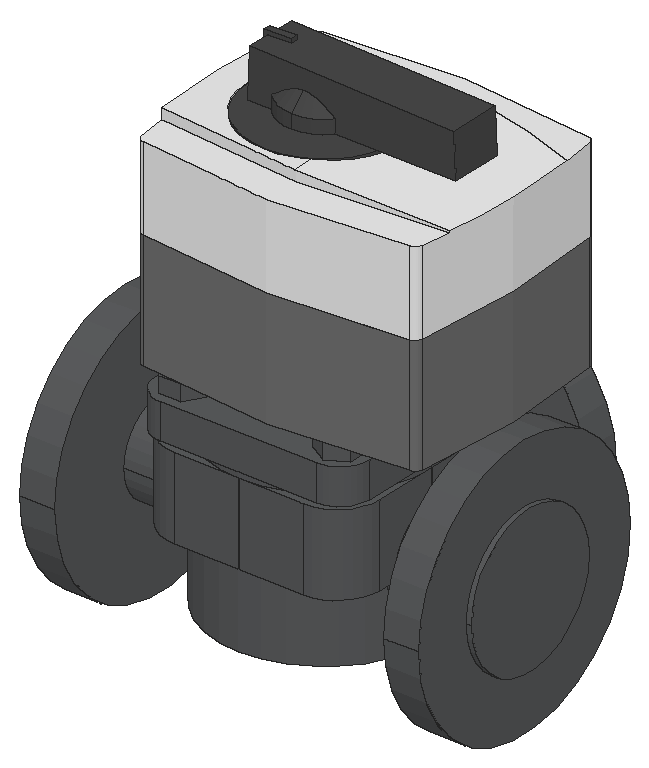
Revit family "HFE3_DN20-150_AMB 162(182)_RFA_1", category Pipe Accessories, Revit 2019
Family settings
  Round Connector Dimension = Use Diameter
  Part Type = Valve - Breaks Into
  OmniClass Number = 23.65.55.14.17
  OmniClass Title = Adjusting/Controlling Valves for Liquid Services
  Work Plane-Based = No
  Always vertical = Yes
  Cut with Voids When Loaded = No
  Shared = No
Parameters (values of type "HFE3_DN20_065Z0428")
  visibility50 = if(and(LOD 350, DN50 horizontal part), 1 = 1, 1 = 0)  # no
  visibility20-125LOD200 = if(and(LOD 200, not(DN150)), 1 = 1, 1 = 0)  # no
  visibility150LOD200 = if(and(LOD 200, DN150), 1 = 1, 1 = 0)  # no
  visibility150 = if(and(LOD 350, DN150), 1 = 1, 1 = 0)  # no
  vertical body diameter = 73 mm
  square width = 73 mm
  square elevation = 27.5 mm
  screw width = 12.8 mm
  screw axis distance = 10 mm
  horizontal body diameter = 32 mm
  flange thickness = 12 mm
  connector thickness = 2 mm
  connector diameter = 50 mm
  Weight = 3.50 kg
  W = L1 + B  # 115 mm
  Voltage = if(or(Actuator Type = [082H0273], Actuator Type = [082H0228], Actuator Type = [082H0225], Actuator Type = [082H0226], Actuator Type = [082H0229], Actuator Type = [082H0227], Actuator Type = [082H0277], Actuator Type = [082H0240], Actuator Type = [082H0239], Actuator Type = [082H0232]), 230 V, 24 V)  # 24 V
  Valve Body Material = Danfoss Cast Iron
  URL = "https://store.danfoss.com/en/Climate-Solutions-for-heating/Motorised-Control-Valves-/Rotary-Valves/Valves-for-Central-Heating/c/4115?q=%3Arelevance%3Adanfoss_producttypehierarchydesc%3Ae87d6f78c259f8698e7a41fbf8f01ce74522c19b&text="
  visibility20-125 = if(and(LOD 350, not(DN150)), 1 = 1, 1 = 0)  # yes
  Pressure Drop [instance] = 0.0 Pa
  Power = if(or(Actuator Type = [082H0277], Actuator Type = [082H0276], Actuator Type = [082H0240], Actuator Type = [082H0239], Actuator Type = [082H0232], Actuator Type = [082H0236], Actuator Type = [082H0235], Actuator Type = [082H0231], Actuator Type = [082H0241]), 3.5 VA, 2.5 VA)  # 2.5 VA
  Operating Torque = "5 Nm"
  Nominal Pressure = "PN 6"  # constant formula
  Model Type = "HFE3_DN20"
  Model = "065Z0428"
  Min Medium Temperature = "2°C"  # constant formula
  Max Medium Temperature = "110 °C"  # constant formula
  Manufacturer = "Danfoss"  # constant formula
  LOD 350 = not(LOD 200)  # yes
  LOD 200 = no
  L1 = L / 2  # 70 mm
  L = 140 mm
  Kvs = 12.0 m³/h
  IfcExportType = "HFE3"  # constant formula
  IfcExportAs = "IfcValveType"  # constant formula
  Ha = 140.685 mm
  H = Ha + B  # 185.685 mm
  Flow [instance] = 0.0 m³/h
  Description = "Motorized Control Valve"  # constant formula
  DN50 horizontal part = no
  DN150 = no
  D = 20 mm
  Connection = "Flange"  # constant formula
  B = [2B] / 2  # 45 mm
  Actuator Type = AMB 162(182)_RFA : AMB 162_3-point_24V_30s/°_082H0211_082H0216
  2nd square width = 73 mm
  2nd square position = 2.265 mm
  2B = 90 mm
  082H0277 = AMB 162(182)_RFA : AMB 182_2-point_230V_60s/°_082H0275_082H0277
  082H0276 = AMB 162(182)_RFA : AMB 182_2-point_24V_60s/°_082H0274_082H0276
  082H0273 = AMB 162(182)_RFA : AMB 162_2-point_230V_15s/°_082H0271_082H0273
  082H0241 = AMB 162(182)_RFA : AMB 182_Modulating_24V_60/90/120s/°_082H0241
  082H0240 = AMB 162(182)_RFA : AMB 182_3-point_230V_240s/°_082H0238_082H0240
  082H0239 = AMB 162(182)_RFA : AMB 182_3-point_230V_60s/°_082H0237_082H0239
  082H0236 = AMB 162(182)_RFA : AMB 182_3-point_24V_240s/°_082H0234_082H0236
  082H0235 = AMB 162(182)_RFA : AMB 182_3-point_24V_60s/°_082H0233_082H0235
  082H0232 = AMB 162(182)_RFA : AMB 182_3-point_230V_60s/°_10Nm_082H0232
  082H0231 = AMB 162(182)_RFA : AMB 182_3-point_24V_60s/°_10Nm_082H0231
  082H0229 = AMB 162(182)_RFA : AMB 162_3-point_230V_480s/°_082H0224_082H0229
  082H0228 = AMB 162(182)_RFA : AMB 162_3-point_230V_120s/°_082H0223_082H0228
  082H0227 = AMB 162(182)_RFA : AMB 162_3-point_230V_60s/°_082H0222_082H0227
  082H0226 = AMB 162(182)_RFA : AMB 162_3-point_230V_30s/°_082H0221_082H0226
  082H0225 = AMB 162(182)_RFA : AMB 162_3-point_230V_15s/°_082H0220_082H0225
Reference planes
  plane 1 "Center (Front/Back)": y = 0
  plane 2: z = 0
  plane 3 "Center (Left/Right)": x = 0
  plane 4: x = -70
  plane 5: x = 70
  plane 6: x = -68
  plane 7: x = -56
  plane 8: x = 56
  plane 9: x = 68
  plane 10: y = 70
  plane 11: y = 68
  plane 12: y = 56
  plane 13: z = 39.5
  plane 14: z = 27.5
  plane 15: z = -27.5
  plane 16: x = -36.5
  plane 17: x = 36.5
  plane 18: y = 36.5
  plane 19: y = -36.5
  plane 20 "left screw": x = -26.5
  plane 21 "right screw": x = 26.5
  plane 22 "back screw": y = 26.5
  plane 23 "front screw": y = -26.5
  plane 24: z = 25.5
  plane 25: z = 140.685
  plane 26: z = -45
  plane 27: y = -45
  plane 28: z = -2.265
  plane 29: y = -36.5
  plane 30: y = 36.5
  plane 31: x = -36.5
  plane 32: x = 36.5
Forms (mm)
  Extrusion 1, solid, material "Danfoss Cast Iron" <- "Valve Body Material", visible <- "LOD 350", detail levels fine
    sketch origin (0, 0, 0) x (0, 1, 0) y (0, 0, 1)
      loop
        circle (0, 0) r 45
    from 56 to 68
  Extrusion 2, solid, material "Danfoss Cast Iron" <- "Valve Body Material", visible <- "LOD 350", detail levels fine
    sketch origin (0, 0, 0) x (0, 1, 0) y (0, 0, 1)
      loop
        circle (0, 0) r 45
    from -68 to -56
  Extrusion 3, solid, material "Danfoss Cast Iron" <- "Valve Body Material", visible <- "LOD 350", detail levels fine
    sketch origin (0, 0, 0) x (0, 1, 0) y (0, 0, 1)
      loop
        circle (0, 0) r 25
    from 68 to 70
  Extrusion 4, solid, material "Danfoss Cast Iron" <- "Valve Body Material", visible <- "LOD 350", detail levels fine
    sketch origin (0, 0, 0) x (0, 1, 0) y (0, 0, 1)
      loop
        circle (0, 0) r 25
    from -70 to -68
  Extrusion 5, solid, material "Danfoss Cast Iron" <- "Valve Body Material", visible <- "LOD 350", detail levels fine
    sketch origin (0, 0, 0) x (1, 0, 0) y (0, 0, 1)
      loop
        circle (0, 0) r 45
    from -68 to -56
  Extrusion 6, solid, material "Danfoss Cast Iron" <- "Valve Body Material", visible <- "LOD 350", detail levels fine
    sketch origin (0, 0, 0) x (1, 0, 0) y (0, 0, 1)
      loop
        circle (0, 0) r 25
    from -70 to -68
  Extrusion 7, solid, material "Danfoss Cast Iron" <- "Valve Body Material", visible <- "LOD 350", detail levels fine
    sketch origin (0, 0, 0) x (0, 1, 0) y (0, 0, 1)
      loop
        circle (0, 0) r 16
    from -56 to 56
  Extrusion 8, solid, material "Danfoss Cast Iron" <- "Valve Body Material", visible <- "LOD 350", detail levels fine
    sketch origin (0, 0, 0) x (1, 0, 0) y (0, 0, 1)
      loop
        circle (0, 0) r 16
    from -56 to 0
  Extrusion 9, solid, material "Danfoss Cast Iron" <- "Valve Body Material", visible <- "visibility20-125", detail levels fine
    sketch origin (0, 0, 0) x (1, 0, 0) y (0, 1, 0)
      loop
        arc (-26.624, 36.5) -> (-33.608, 33.607) -> (-36.5, 26.624) r 9.876
        line (-36.5, 26.624) -> (-36.5, -26.625)
        arc (-36.5, -26.625) -> (-33.607, -33.609) -> (-26.623, -36.501) r 9.877
        line (-26.623, -36.501) -> (26.625, -36.501)
        arc (26.625, -36.501) -> (33.607, -33.609) -> (36.499, -26.627) r 9.875
        line (36.499, -26.627) -> (36.499, 26.624)
        arc (36.499, 26.624) -> (33.607, 33.607) -> (26.623, 36.5) r 9.876
        line (26.623, 36.5) -> (-26.624, 36.5)
    from 27.5 to 39.5
  Extrusion 10, solid, material "Danfoss Cast Iron" <- "Valve Body Material", visible <- "LOD 350", detail levels fine
    sketch origin (0, 0, 0) x (1, 0, 0) y (0, 1, 0)
      loop
        circle (0, 0) r 36.5
    from -27.5 to 27.5
  Sweep 11, solid, material "Danfoss Cast Iron" <- "Valve Body Material", visible <- "visibility20-125", detail levels fine
    path origin (0, -26.5, 0) x (-1, 0, 0) y (0, 0, 1)
      loop
        line (-26.5, 39.5) -> (-26.5, 44.8)
    profile origin (26.5, -26.5, 42.15) x (1, 0, 0) y (0, 1, 0)
      loop
        line (6.5, -3.753) -> (6.5, 3.753) -> (0, 7.506) -> (-6.5, 3.753) -> (-6.5, -3.753) -> (0, -7.506) -> (6.5, -3.753)
  Sweep 12, solid, material "Danfoss Cast Iron" <- "Valve Body Material", visible <- "visibility20-125", detail levels fine
    path origin (0, -26.5, 0) x (-1, 0, 0) y (0, 0, 1)
      loop
        line (26.5, 39.5) -> (26.5, 44.8)
    profile origin (-26.5, -26.5, 42.15) x (1, 0, 0) y (0, 1, 0)
      loop
        line (3.753, 6.5) -> (-3.753, 6.5) -> (-7.506, 0) -> (-3.753, -6.5) -> (3.753, -6.5) -> (7.506, 0) -> (3.753, 6.5)
  Sweep 13, solid, material "Danfoss Cast Iron" <- "Valve Body Material", visible <- "visibility20-125", detail levels fine
    path origin (0, 26.5, 0) x (-1, 0, 0) y (0, 0, 1)
      loop
        line (26.5, 44.8) -> (26.5, 39.5)
    profile origin (-26.5, 26.5, 42.15) x (0, 1, 0) y (-1, 0, 0)
      loop
        line (3.853, -6.5) -> (7.605, 0) -> (3.853, 6.5) -> (-3.653, 6.5) -> (-7.406, 0) -> (-3.653, -6.5) -> (3.853, -6.5)
  Sweep 14, solid, material "Danfoss Cast Iron" <- "Valve Body Material", visible <- "visibility20-125", detail levels fine
    path origin (0, 26.5, 0) x (-1, 0, 0) y (0, 0, 1)
      loop
        line (-26.5, 39.5) -> (-26.5, 44.8)
    profile origin (26.5, 26.5, 42.15) x (1, 0, 0) y (0, 1, 0)
      loop
        line (-3.753, 6.5) -> (-7.506, 0) -> (-3.753, -6.5) -> (3.753, -6.5) -> (7.506, 0) -> (3.753, 6.5) -> (-3.753, 6.5)
  Extrusion 15, solid, material "Danfoss Cast Iron" <- "Valve Body Material", visible <- "visibility50", detail levels fine
    sketch origin (0, 0, 0) x (1, 0, 0) y (0, 1, 0)
      loop
        line (-56, 44) -> (-56, -44)
        arc (-56, -44) -> (-44.563, -34.614) -> (-30.345, -30.519) r 36.621
        line (-30.345, -30.519) -> (30.345, -30.519)
        arc (30.345, -30.519) -> (44.563, -34.614) -> (56, -44) r 36.621
        line (56, -44) -> (56, 44) -> (44, 56) -> (-44, 56) -> (-56, 44)
    from -4 to 4.01
  Extrusion 16, solid, material "Danfoss Cast Iron" <- "Valve Body Material", visible <- "LOD 350", detail levels fine
    sketch origin (0, 0, 0) x (1, 0, 0) y (0, 1, 0)
      loop
        line (36.5, -22.125) -> (36.5, 22.124)
        arc (36.5, 22.124) -> (32.289, 32.289) -> (22.124, 36.5) r 14.376
        line (22.124, 36.5) -> (-22.124, 36.5)
        arc (-22.124, 36.5) -> (-32.289, 32.289) -> (-36.5, 22.124) r 14.376
        line (-36.5, 22.124) -> (-36.5, -22.123)
        arc (-36.5, -22.123) -> (-32.289, -32.289) -> (-22.123, -36.5) r 14.377
        line (-22.123, -36.5) -> (22.125, -36.5)
        arc (22.125, -36.5) -> (32.29, -32.29) -> (36.5, -22.125) r 14.375
    from -2.265 to 25.5
  Extrusion 17, solid, material "Danfoss Cast Iron" <- "Valve Body Material", visible <- "visibility150", detail levels fine
    sketch origin (0, 0, 0) x (1, 0, 0) y (0, 1, 0)
      loop
        circle (0, 0) r 107
    from 27.5 to 39.5
  Extrusion 18, solid, material "Danfoss Cast Iron" <- "Valve Body Material", visible <- "LOD 200", detail levels fine
    sketch origin (0, 0, 0) x (0, 1, 0) y (0, 0, 1)
      loop
        circle (0, 0) r 45
    from 56 to 70
  Extrusion 19, solid, material "Danfoss Cast Iron" <- "Valve Body Material", visible <- "LOD 200", detail levels fine
    sketch origin (0, 0, 0) x (0, 1, 0) y (0, 0, -1)
      loop
        circle (0, 0) r 45
    from 56 to 70
  Extrusion 20, solid, material "Danfoss Cast Iron" <- "Valve Body Material", visible <- "LOD 200", detail levels fine
    sketch origin (0, 0, 0) x (0, 1, 0) y (0, 0, 1)
      loop
        circle (0, 0) r 16
    from -56 to 56
  Extrusion 21, solid, material "Danfoss Cast Iron" <- "Valve Body Material", visible <- "LOD 200"
    sketch origin (0, 0, 0) x (1, 0, 0) y (0, 0, 1)
      loop
        circle (0, 0) r 16
    from 0 to -56
  Extrusion 22, solid, material "Danfoss Cast Iron" <- "Valve Body Material", visible <- "LOD 200"
    sketch origin (0, 0, 0) x (1, 0, 0) y (0, 0, 1)
      loop
        circle (0, 0) r 45
    from -56 to -70
  Extrusion 23, solid, material "Danfoss Cast Iron" <- "Valve Body Material", visible <- "visibility20-125LOD200", detail levels fine
    sketch origin (0, 0, 0) x (1, 0, 0) y (0, 1, 0)
      loop
        line (36.5, -22.125) -> (36.5, 22.124)
        arc (36.5, 22.124) -> (32.289, 32.289) -> (22.124, 36.5) r 14.376
        line (22.124, 36.5) -> (-22.124, 36.5)
        arc (-22.124, 36.5) -> (-32.289, 32.289) -> (-36.5, 22.124) r 14.376
        line (-36.5, 22.124) -> (-36.5, -22.123)
        arc (-36.5, -22.123) -> (-32.289, -32.289) -> (-22.123, -36.5) r 14.377
        line (-22.123, -36.5) -> (22.125, -36.5)
        arc (22.125, -36.5) -> (32.29, -32.29) -> (36.5, -22.125) r 14.375
    from -27.5 to 39.5
  Extrusion 24, solid, material "Danfoss Cast Iron" <- "Valve Body Material", visible <- "visibility150LOD200", detail levels fine
    sketch origin (0, 0, 0) x (1, 0, 0) y (0, 1, 0)
      loop
        circle (0, 0) r 36.5
    from -27.5 to 39.5
Dimensions and locks
  equal spacing: plane 5, plane 3 "Center (Left/Right)", plane 4
  "L": plane 5 to plane 4
  "L1": plane 10 to plane 1 "Center (Front/Back)"
  "connector thickness": plane 10 to plane 11
  "flange thickness": plane 11 to plane 12
  locked: plane 13 to plane 14 at 12
  "connector thickness": plane 6 to plane 4
  "flange thickness": plane 7 to plane 6
  "square elevation": plane 14 to level
  equal spacing: plane 18, plane 1 "Center (Front/Back)", plane 19
  "square width": plane 18 to plane 19
  equal spacing: plane 16, plane 3 "Center (Left/Right)", plane 17
  "square width": plane 16 to plane 17
  "square elevation": level to plane 15
  "screw axis distance": plane 18 to plane 22 "back screw"
  "screw axis distance": plane 23 "front screw" to plane 19
  "screw axis distance": plane 21 "right screw" to plane 17
  "screw axis distance": plane 16 to plane 20 "left screw"
  locked: plane 14 to plane 24 at 2
  "Ha": plane 25 to level
  "H": plane 25 to plane 26
  "W": plane 27 to plane 10
  "connector thickness": plane 5 to plane 9
  "flange thickness": plane 9 to plane 8
  "2nd square position": level to plane 28
  equal spacing: plane 30, plane 1 "Center (Front/Back)", plane 29
  "2nd square width": plane 30 to plane 29
  equal spacing: plane 31, plane 3 "Center (Left/Right)", plane 32
  "2nd square width": plane 31 to plane 32
  locked: nested 3 to plane 13 at 0.511
  "2B": diameter of Extrusion 1 sketch curve
  "2B": diameter of Extrusion 2 sketch curve
  "connector diameter": diameter of Extrusion 3 sketch curve
  "connector diameter": diameter of Extrusion 4 sketch curve
  "2B": diameter of Extrusion 5 sketch curve
  "connector diameter": diameter of Extrusion 6 sketch curve
  "horizontal body diameter": diameter of Extrusion 7 sketch curve
  "horizontal body diameter": diameter of Extrusion 8 sketch curve
  "vertical body diameter": diameter of Extrusion 10 sketch curve
  "2B": diameter of Extrusion 18 sketch curve
  "2B": diameter of Extrusion 19 sketch curve
  "horizontal body diameter": diameter of Extrusion 20 sketch curve
  "horizontal body diameter": diameter of Extrusion 21 sketch curve
  "2B": diameter of Extrusion 22 sketch curve
  "vertical body diameter": diameter of Extrusion 24 sketch curve
  aligned and locked: level to plane 2
  aligned and locked: Extrusion 1 to plane 8
  aligned and locked: plane 9 to Extrusion 1
  aligned and locked: Extrusion 2 to plane 6
  aligned and locked: Extrusion 2 to plane 7
  aligned and locked: Extrusion 3 to plane 9
  aligned and locked: plane 5 to Extrusion 3
  aligned and locked: plane 6 to Extrusion 4
  aligned and locked: Extrusion 4 to plane 4
  aligned and locked: plane 11 to Extrusion 5
  aligned and locked: Extrusion 5 to plane 12
  aligned and locked: plane 10 to Extrusion 6
  aligned and locked: Extrusion 6 to plane 11
  aligned and locked: plane 7 to Extrusion 7
  aligned and locked: plane 8 to Extrusion 7
  aligned and locked: plane 12 to Extrusion 8
  aligned and locked: plane 1 "Center (Front/Back)" to Extrusion 8
  aligned and locked: Extrusion 9 to plane 14
  aligned and locked: plane 13 to Extrusion 9
  aligned and locked: plane 14 to Extrusion 10
  aligned and locked: plane 15 to Extrusion 10
  aligned and locked: plane 24 to Extrusion 16
  aligned and locked: plane 13 to Extrusion 17
  aligned and locked: Extrusion 17 to plane 14
  aligned and locked: Extrusion 18 to plane 8
  aligned and locked: plane 5 to Extrusion 18
  aligned and locked: Extrusion 19 to plane 4
  aligned and locked: Extrusion 19 to plane 7
  aligned and locked: plane 7 to Extrusion 20
  aligned and locked: plane 8 to Extrusion 20
  aligned and locked: Extrusion 16 to plane 28
  aligned and locked: plane 31 to Extrusion 16 sketch curve
  aligned and locked: Extrusion 16 sketch curve to plane 32
  aligned and locked: plane 30 to Extrusion 16 sketch curve
  aligned and locked: Extrusion 16 sketch curve to plane 29
  aligned and locked: plane 12 to Extrusion 21
  aligned and locked: plane 12 to Extrusion 22
  aligned and locked: plane 10 to Extrusion 22
  aligned and locked: plane 15 to Extrusion 23
  aligned and locked: plane 13 to Extrusion 23
  aligned and locked: plane 3 "Center (Left/Right)" to nested 2
  aligned and locked: plane 13 to Extrusion 24
  aligned and locked: plane 15 to Extrusion 24
  aligned and locked: nested 3 to plane 3 "Center (Left/Right)"
  aligned and locked: nested 3 to plane 1 "Center (Front/Back)"
Automatic sketch dimensions
  Extrusion 3 sketch curve to level = 0 mm
  Extrusion 3 sketch curve to plane 1 "Center (Front/Back)" = 0 mm
  Extrusion 4 sketch curve to level = 0 mm
  Extrusion 4 sketch curve to plane 1 "Center (Front/Back)" = 0 mm
  Extrusion 6 sketch curve to level = 0 mm
  Extrusion 6 sketch curve to plane 3 "Center (Left/Right)" = 0 mm
  Extrusion 9 sketch curve to plane 16 = 0 mm
  Extrusion 9 sketch curve to plane 20 "left screw" = 0.124 mm
  Extrusion 9 sketch curve to plane 19 = 0.001 mm
  Extrusion 9 sketch curve to plane 20 "left screw" = 0.123 mm
  Extrusion 9 sketch curve to plane 18 = 0 mm
  Extrusion 9 sketch curve to plane 21 "right screw" = 0.123 mm
  Extrusion 9 sketch curve to plane 21 "right screw" = 0.125 mm
  Extrusion 9 sketch curve to plane 17 = 0.001 mm
  plane 21 "right screw" to Sweep 11 sketch curve = 0 mm
  Sweep 11 sketch curve to plane 13 = 0 mm
  Sweep 11 sketch curve to Sweep 11 sketch curve = 5.3 mm
  profile plane to Sweep 11 sketch curve = 6.5 mm
  profile plane to Sweep 11 sketch curve = 0 mm  (x2)
  Sweep 11 sketch curve to profile plane = 6.5 mm
  Sweep 11 sketch curve to plane 23 "front screw" = 7.506 mm
  Sweep 11 sketch curve to plane 23 "front screw" = 3.753 mm  (x2)
  plane 23 "front screw" to Sweep 11 sketch curve = 3.753 mm  (x2)
  Sweep 11 sketch curve to Sweep 11 sketch curve = 3.753 mm
  Sweep 12 sketch curve to plane 20 "left screw" = 0 mm
  Sweep 12 sketch curve to plane 13 = 0 mm
  Sweep 12 sketch curve to Sweep 12 sketch curve = 5.3 mm
  Sweep 12 sketch curve to plane 23 "front screw" = 0 mm
  plane 23 "front screw" to Sweep 12 sketch curve = 0 mm
  profile plane to Sweep 12 sketch curve = 7.506 mm
  profile plane to Sweep 12 sketch curve = 3.753 mm  (x2)
  Sweep 12 sketch curve to profile plane = 3.753 mm  (x2)
  Sweep 12 sketch curve to profile plane = 7.506 mm
  Sweep 12 sketch curve to plane 23 "front screw" = 6.5 mm
  plane 23 "front screw" to Sweep 12 sketch curve = 6.5 mm
  Sweep 13 sketch curve to plane 13 = 0 mm
  Sweep 13 sketch curve to plane 20 "left screw" = 0 mm
  Sweep 13 sketch curve to Sweep 13 sketch curve = 5.3 mm
  Sweep 13 sketch curve to profile plane = 0 mm  (x2)
  Sweep 13 sketch curve to plane 22 "back screw" = 7.406 mm
  Sweep 13 sketch curve to plane 22 "back screw" = 3.653 mm  (x2)
  plane 22 "back screw" to Sweep 13 sketch curve = 3.853 mm  (x2)
  Sweep 13 sketch curve to Sweep 13 sketch curve = 3.753 mm
  profile plane to Sweep 13 sketch curve = 6.5 mm
  Sweep 13 sketch curve to profile plane = 6.5 mm
  plane 21 "right screw" to Sweep 14 sketch curve = 0 mm
  Sweep 14 sketch curve to plane 13 = 0 mm
  Sweep 14 sketch curve to Sweep 14 sketch curve = 5.3 mm
  Extrusion 15 sketch curve to plane 7 = 0 mm
  Extrusion 15 sketch curve to plane 12 = 0 mm
  Extrusion 15 sketch curve to plane 8 = 0 mm
  Extrusion 15 sketch curve to plane 16 = 7.5 mm
  Extrusion 15 sketch curve to plane 20 "left screw" = 3.845 mm
  Extrusion 15 sketch curve to plane 20 "left screw" = 1.028 mm
  Extrusion 15 sketch curve to plane 21 "right screw" = 1.028 mm
  Extrusion 15 sketch curve to plane 21 "right screw" = 3.845 mm
  plane 17 to Extrusion 15 sketch curve = 7.5 mm
  plane 18 to Extrusion 15 sketch curve = 7.5 mm  (x2)
  plane 19 to Extrusion 15 sketch curve = 5.981 mm
  Extrusion 15 sketch curve to plane 19 = 7.5 mm  (x2)
  plane 20 "left screw" to Extrusion 16 sketch curve = 4.376 mm
  plane 23 "front screw" to Extrusion 16 sketch curve = 4.377 mm
  plane 21 "right screw" to Extrusion 16 sketch curve = 4.376 mm
  plane 21 "right screw" to Extrusion 16 sketch curve = 4.375 mm
  plane 1 "Center (Front/Back)" to Extrusion 17 sketch curve = 0 mm
  Extrusion 17 sketch curve to plane 3 "Center (Left/Right)" = 0 mm
  Sweep 14 sketch curve to profile plane = 3.753 mm  (x2)
  plane 22 "back screw" to Sweep 14 sketch curve = 0 mm  (x2)
  profile plane to Sweep 14 sketch curve = 3.753 mm  (x2)
  Sweep 14 sketch curve to Sweep 14 sketch curve = 3.753 mm  (x2)
  plane 22 "back screw" to Sweep 14 sketch curve = 6.5 mm
  Sweep 14 sketch curve to plane 22 "back screw" = 6.5 mm
  Extrusion 23 sketch curve to plane 31 = 0 mm
  Extrusion 23 sketch curve to plane 30 = 0 mm
  Extrusion 23 sketch curve to plane 29 = 0 mm
  Extrusion 23 sketch curve to plane 32 = 0 mm
  plane 20 "left screw" to Extrusion 23 sketch curve = 4.376 mm
  plane 20 "left screw" to Extrusion 23 sketch curve = 4.377 mm
  plane 21 "right screw" to Extrusion 23 sketch curve = 4.376 mm
  plane 21 "right screw" to Extrusion 23 sketch curve = 4.375 mm
  Extrusion 1 sketch curve to level = 0 mm
  Extrusion 1 sketch curve to plane 1 "Center (Front/Back)" = 0 mm
  Extrusion 2 sketch curve to level = 0 mm
  Extrusion 2 sketch curve to plane 1 "Center (Front/Back)" = 0 mm
  Extrusion 5 sketch curve to level = 0 mm
  Extrusion 5 sketch curve to plane 3 "Center (Left/Right)" = 0 mm
  Extrusion 7 sketch curve to level = 0 mm
  Extrusion 7 sketch curve to plane 1 "Center (Front/Back)" = 0 mm
  Extrusion 8 sketch curve to level = 0 mm
  Extrusion 8 sketch curve to plane 3 "Center (Left/Right)" = 0 mm
  plane 1 "Center (Front/Back)" to Extrusion 10 sketch curve = 0 mm
  Extrusion 10 sketch curve to plane 3 "Center (Left/Right)" = 0 mm
  Extrusion 18 sketch curve to level = 0 mm
  Extrusion 18 sketch curve to plane 1 "Center (Front/Back)" = 0 mm
  Extrusion 19 sketch curve to level = 0 mm
  Extrusion 19 sketch curve to plane 1 "Center (Front/Back)" = 0 mm
  Extrusion 20 sketch curve to level = 0 mm
  Extrusion 20 sketch curve to plane 1 "Center (Front/Back)" = 0 mm
  Extrusion 21 sketch curve to level = 0 mm
  Extrusion 21 sketch curve to plane 3 "Center (Left/Right)" = 0 mm
  Extrusion 22 sketch curve to level = 0 mm
  Extrusion 22 sketch curve to plane 3 "Center (Left/Right)" = 0 mm
  plane 1 "Center (Front/Back)" to Extrusion 24 sketch curve = 0 mm
  Extrusion 24 sketch curve to plane 3 "Center (Left/Right)" = 0 mm
  radius of Extrusion 17 sketch curve = 107 mm
Nested families
  nested 1: "HFE3 Symbol_Actuator" at (0, 0, 0), length <- "L", horiontal body diameter <- "B", A <- "L1", type "HFE3 Symbol_Actuator", detail levels coarse+medium
    with length 140 mm, horiontal body diameter 45 mm, L1 7.778 mm, D/4 11.25 mm, A 70 mm
  nested 2: "DN150 screws" at (0, 0, 0), visible <- "visibility150", type "DN150 screws", detail levels fine
    with visibility150 yes
  nested 3: "AMB 162(182)_RFA" at (0, 0, 40.011) x (-1, 0, 0) z (0, 0, 1), LOD 200 <- "LOD 200", Voltage <- "Voltage", Power <- "Power", type <- "Actuator Type", type "AMB 162_3-point_24V_30s/°_082H0211_082H0216", detail levels fine
    with Voltage 24 V, Power 2.5 VA, LOD 350 yes, LOD 200 no
Connectors
  piping at (70, 0, 0), diameter 20, driven by "D", driven by "Flow"
    settings: on Extrusion 18, index 1, connector inside diameter 609.6 mm, connector length 0 mm, flow factor 0, pipe flow 0.0 m³/h, pressure drop 0.0 Pa, fitting loss kfactor 0, connector angle 0.00°, fixture units 0, engagement length 0 mm, angle of deflection 0.00°, flow configuration 0, flow direction 0, fitting loss method 0, system type 29, joint type 0, gender type 0, connector reference index 2, connector utility 0, adjustable connector no, is connector primary yes, connector description ""
  piping at (-70, 0, 0), diameter 20, driven by "D", driven by "Flow"
    settings: on Extrusion 19, index 2, connector inside diameter 609.6 mm, connector length 0 mm, flow factor 0, pipe flow 0.0 m³/h, pressure drop 0.0 Pa, fitting loss kfactor 0, connector angle 0.00°, fixture units 0, engagement length 0 mm, angle of deflection 0.00°, flow configuration 0, flow direction 0, fitting loss method 0, system type 29, joint type 0, gender type 0, connector reference index 1, connector utility 0, adjustable connector no, is connector primary no, connector description ""
  piping at (0, 70, 0), diameter 20, driven by "D", driven by "Flow"
    settings: on Extrusion 6, index 3, connector inside diameter 609.6 mm, connector length 0 mm, flow factor 0, pipe flow 0.0 m³/h, pressure drop 0.0 Pa, fitting loss kfactor 0, connector angle 0.00°, fixture units 0, engagement length 0 mm, angle of deflection 0.00°, flow configuration 0, flow direction 0, fitting loss method 0, system type 29, joint type 0, gender type 0, connector reference index -1, connector utility 0, adjustable connector no, is connector primary no, connector description ""
  electrical at (0, 0, 0), driven by "Voltage", driven by "Power"
    settings: index 8, voltage 24 V, apparent load 0 VA, apparent load phase1 2.5 VA, apparent load phase2 0 VA, apparent load phase3 0 VA, power factor 0.95, load classification "HVAC", number of poles 1, system type 31, power factor state 1, is connector primary yes, connector utility no, sub classification motor no, connector description ""
Definition of nested family "DN150 screws"
  Parameters (values of type "DN150 screws")
    visibility150 [instance] = yes
    Valve Body Material = none
  Reference planes
    plane 1 "Center (Front/Back)": y = 0
    plane 2: z = 0
    plane 3 "Center (Left/Right)": x = 0
  Forms (mm)
    Extrusion 1, solid, material <- "Valve Body Material", visible <- "visibility150"
      sketch origin (0, 0, 0) x (1, 0, 0) y (0, 1, 0)
        loop
          line (-33.65, 103.539) -> (-42.573, 105.93) -> (-49.105, 99.398) -> (-46.714, 90.475) -> (-37.791, 88.085) -> (-31.259, 94.616) -> (-33.65, 103.539)
        loop
          line (44.801, 105.007) -> (35.563, 105.007) -> (30.944, 97.007) -> (35.563, 89.007) -> (44.801, 89.007) -> (49.419, 97.007) -> (44.801, 105.007)
        loop
          line (-35.563, -89.007) -> (-44.801, -89.007) -> (-49.419, -97.007) -> (-44.801, -105.007) -> (-35.563, -105.007) -> (-30.944, -97.007) -> (-35.563, -89.007)
        loop
          line (-89.007, 35.563) -> (-89.007, 44.801) -> (-97.007, 49.419) -> (-105.007, 44.801) -> (-105.007, 35.563) -> (-97.007, 30.944) -> (-89.007, 35.563)
        loop
          line (105.007, -44.801) -> (105.007, -35.563) -> (97.007, -30.944) -> (89.007, -35.563) -> (89.007, -44.801) -> (97.007, -49.419) -> (105.007, -44.801)
        loop
          line (-88.085, -37.791) -> (-94.616, -31.259) -> (-103.539, -33.65) -> (-105.93, -42.573) -> (-99.398, -49.105) -> (-90.475, -46.714) -> (-88.085, -37.791)
        loop
          line (105.93, 42.573) -> (99.398, 49.105) -> (90.475, 46.714) -> (88.085, 37.791) -> (94.616, 31.259) -> (103.539, 33.65) -> (105.93, 42.573)
        loop
          line (46.714, -90.475) -> (37.791, -88.085) -> (31.259, -94.616) -> (33.65, -103.539) -> (42.573, -105.93) -> (49.105, -99.398) -> (46.714, -90.475)
      from 81 to 98.3
    Extrusion 2, solid, material <- "Valve Body Material", visible <- "visibility150"
      sketch origin (0, 0, 0) x (1, 0, 0) y (0, 1, 0)
        loop
          circle (40.182, 97.007) r 9.975
        loop
          circle (-40.182, 97.007) r 9.975
        loop
          circle (40.182, -97.007) r 9.975
        loop
          circle (-40.182, -97.007) r 9.975
        loop
          circle (-97.007, 40.182) r 9.975
        loop
          circle (-97.007, -40.182) r 9.975
        loop
          circle (97.007, 40.182) r 9.975
        loop
          circle (97.007, -40.182) r 9.975
      from -8.624 to 76.847
  Dimensions and locks
    aligned and locked: level to plane 2
Definition of nested family "AMB 162(182)_RFA"
  Parameters (values of type "AMB 182_Modulating_24V_60/90/120s/°_082H0241")
    With Auxiliary Switch = "NA"
    Weight = 0.80 kg
    W = 84 mm
    Voltage [instance] = 24 V
    URL = "https://store.danfoss.com/en/Climate-Solutions-for-heating/Motorised-Control-Valves/Actuators-without-safety-function-for-rotary-valves/c/4113?q=%3Arelevance&text="
    Type Comments = ""
    Speed = "60/90/120 s/°"
    Power Supply = "24 VAC/DC"
    Power Consumption = "3.5 VA"
    Power [instance] = 3.5 VA
    Operating Torque = "15 Nm"
    Model Type = "AMB 182_Modulating_24V_60/90/120s/°"
    Model = "082H0241"
    Min Ambient Temperature = "0 °C"  # constant formula
    Max Medium Temperature = "110 °C"  # constant formula
    Max Ambient Temperature = "50 °C"  # constant formula
    Manufacturer = "Danfoss"  # constant formula
    LOD 350 [instance] = not(LOD 200)  # yes
    LOD 200 [instance] = no
    L = 101 mm
    IfcExportType = "AMB Actuator"  # constant formula
    IfcExportAs = "IfcActuatorType"  # constant formula
    H = 100.685 mm
    For Rotary Valve DN = "DN15-150"
    Description = "Gear Actuator"  # constant formula
    Control Input Signal = "Modulating"
    Body Material = none
  Types (22, lengths in mm): name | With Auxiliary Switch | Weight | Voltage | Speed | Power Supply | Power Consumption | Power | Operating Torque | Model Type | Model | For Rotary Valve DN | Control Input Signal
    AMB 162_2-point_24V_15s/°_082H0270_082H0272 | "082H0272" | 0.70 kg | 24 V | "15 s/°" | "24 VAC" | "2.5 VA" | 2.5 VA | "5 Nm" | "AMB 162_2-point_24V_15s/°" | "082H0270, 082H0272" | "DN15-50" | "2-point"
    AMB 162_3-point_230V_15s/°_082H0220_082H0225 | "082H0225" | 0.70 kg | 230 V | "15 s/°" | "230 VAC" | "2.5 VA" | 2.5 VA | "5 Nm" | "AMB 162_3-point_230V_15s/°" | "082H0220, 082H0225" | "DN15-50" | "3-point"
    AMB 162_2-point_230V_15s/°_082H0271_082H0273 | "082H0273" | 0.70 kg | 230 V | "15 s/°" | "230 VAC" | "2.5 VA" | 2.5 VA | "5 Nm" | "AMB 162_2-point_230V_15s/°" | "082H0271, 082H0273" | "DN15-50" | "2-point"
    AMB 162_3-point_24V_15s/°_082H0210_082H0215 | "082H0215" | 0.70 kg | 24 V | "15 s/°" | "24 VAC" | "2.5 VA" | 2.5 VA | "5 Nm" | "AMB 162_3-point_24V_15s/°_" | "082H0210, 082H0215" | "DN15-50" | "3-point"
    AMB 162_3-point_24V_30s/°_082H0211_082H0216 | "082H0216" | 0.70 kg | 24 V | "30 s/°" | "24 VAC" | "2.5 VA" | 2.5 VA | "5 Nm" | "AMB 162_3-point_24V_30s/°" | "082H0211, 082H0216" | "DN15-50" | "3-point"
    AMB 162_3-point_24V_60s/°_082H0212_082H0217 | "082H0217" | 0.70 kg | 24 V | "60 s/°" | "24 VAC" | "2.5 VA" | 2.5 VA | "5 Nm" | "AMB 162_3-point_24V_60s/°" | "082H0212, 082H0217" | "DN15-50" | "3-point"
    AMB 162_3-point_24V_120s/°_082H0213_082H0218 | "082H0218" | 0.70 kg | 24 V | "120 s/°" | "24 VAC" | "2.5 VA" | 2.5 VA | "5 Nm" | "AMB 162_3-point_24V_120s/°" | "082H0213, 082H0218" | "DN15-50" | "3-point"
    AMB 162_3-point_24V_480s/°_082H0214_082H0219 | "082H0219" | 0.70 kg | 24 V | "120 s/°" | "24 VAC" | "2.5 VA" | 2.5 VA | "5 Nm" | "AMB 162_3-point_24V_480s/°" | "082H0214, 082H0219" | "DN15-50" | "3-point"
    AMB 162_3-point_230V_30s/°_082H0221_082H0226 | "082H0226" | 0.70 kg | 230 V | "30 s/°" | "230 VAC" | "2.5 VA" | 2.5 VA | "5 Nm" | "AMB 162_3-point_230V_30s/°" | "082H0221, 082H0226" | "DN15-50" | "3-point"
    AMB 162_3-point_230V_60s/°_082H0222_082H0227 | "082H0227" | 0.70 kg | 230 V | "60 s/°" | "230 VAC" | "2.5 VA" | 2.5 VA | "5 Nm" | "AMB 162_3-point_230V_60s/°" | "082H0222, 082H0227" | "DN15-50" | "3-point"
    AMB 162_3-point_230V_120s/°_082H0223_082H0228 | "082H0228" | 0.70 kg | 230 V | "120 s/°" | "230 VAC" | "2.5 VA" | 2.5 VA | "5 Nm" | "AMB 162_3-point_230V_120s/°" | "082H0223, 082H0228" | "DN15-50" | "3-point"
    AMB 162_3-point_230V_480s/°_082H0224_082H0229 | "082H0229" | 0.70 kg | 230 V | "480 s/°" | "230 VAC" | "2.5 VA" | 2.5 VA | "5 Nm" | "AMB 162_3-point_230V_480s/°" | "082H0224, 082H0229" | "DN15-50" | "3-point"
    AMB 162_Modulating_24V_60/90/120s/°_082H0230 | "NA" | 0.70 kg | 24 V | "60/90/120 s/°" | "24 VAC/DC" | "2.5 VA" | 2.5 VA | "5 Nm" | "AMB 162_Modulating_24V_60/90/120s/°" | "082H0230" | "DN15-50" | "Modulating"
    AMB 182_2-point_230V_60s/°_082H0275_082H0277 | "082H0277" | 0.80 kg | 230 V | "60 s/°" | "230 VAC" | "2.5 VA" | 3.5 VA | "15 Nm" | "AMB 182_2-point_230V_60s/°" | "082H0275, 082H0277" | "DN15-150" | "2-point"
    AMB 182_2-point_24V_60s/°_082H0274_082H0276 | "082H0276" | 0.80 kg | 24 V | "60 s/°" | "24 VAC" | "2.5 VA" | 3.5 VA | "15 Nm" | "AMB 182_2-point_24V_60s/°" | "082H0274, 082H0276" | "DN15-150" | "2-point"
    AMB 182_3-point_230V_60s/°_082H0237_082H0239 | "082H0239" | 0.80 kg | 230 V | "60 s/°" | "230 VAC" | "3.5 VA" | 3.5 VA | "15 Nm" | "AMB 182_3-point_230V_60s/°" | "082H0237, 082H0239" | "DN15-150" | "3-point"
    AMB 182_3-point_24V_60s/°_082H0233_082H0235 | "082H0235" | 0.80 kg | 24 V | "60 s/°" | "24 VAC" | "3.5 VA" | 3.5 VA | "15 Nm" | "AMB 182_3-point_24V_60s/°" | "082H0233, 082H0235" | "DN15-150" | "3-point"
    AMB 182_3-point_24V_60s/°_10Nm_082H0231 | "NA" | 0.80 kg | 24 V | "60 s/°" | "24 VAC" | "3.5 VA" | 3.5 VA | "10 Nm" | "AMB 182_3-point_24V_60s/°_10Nm" | "082H0231" | "DN15-100" | "3-point"
    AMB 182_3-point_230V_60s/°_10Nm_082H0232 | "NA" | 0.80 kg | 230 V | "60 s/°" | "230 VAC" | "3.5 VA" | 3.5 VA | "10 Nm" | "AMB 182_3-point_230V_60s/°_10Nm" | "082H0232" | "DN15-100" | "3-point"
    AMB 182_3-point_24V_240s/°_082H0234_082H0236 | "082H0236" | 0.80 kg | 24 V | "240 s/°" | "24 VAC" | "3.5 VA" | 3.5 VA | "15 Nm" | "AMB 182_3-point_24V_240s/°" | "082H0234, 082H0236" | "DN15-150" | "3-point"
    AMB 182_3-point_230V_240s/°_082H0238_082H0240 | "082H0240" | 0.80 kg | 230 V | "240 s/°" | "230 VAC" | "3.5 VA" | 3.5 VA | "15 Nm" | "AMB 182_3-point_230V_240s/°" | "082H0238, 082H0240" | "DN15-150" | "3-point"
    AMB 182_Modulating_24V_60/90/120s/°_082H0241 | "NA" | 0.80 kg | 24 V | "60/90/120 s/°" | "24 VAC/DC" | "3.5 VA" | 3.5 VA | "15 Nm" | "AMB 182_Modulating_24V_60/90/120s/°" | "082H0241" | "DN15-150" | "Modulating"
  Reference planes
    plane 1 "Center (Front/Back)": y = 0
    plane 2: z = 0
    plane 3 "Center (Left/Right)": x = 0
    plane 4: z = 9.5
    plane 5: y = -41.931
    plane 6: y = 42.069
    plane 7: x = 36.5
    plane 8: x = -64.5
    plane 9: y = 36.069
    plane 10: x = 30.5
    plane 11: x = -61.5
    plane 12: x = 33.5
    plane 13: y = 39.069
    plane 14: y = -38.931
    plane 15: x = -58.5
    plane 16: y = -35.931
    plane 17: x = -14
    plane 18: z = 49.5
    plane 19: y = 36.069
    plane 20: x = 160.5
    plane 21: x = 68.5
    plane 22: x = 163.5
    plane 23: y = 39.069
    plane 24: y = -38.931
    plane 25: x = 71.5
    plane 26: y = -35.931
    plane 27: x = 116
    plane 28: z = 81.472
    plane 29: y = -9.5
    plane 30: z = 100.685
  Forms (mm)
    Revolve 1, solid, detail levels fine
      sketch origin (0, 0, 0) x (1, 0, 0) y (0, 0, 1)
        loop
          line (0, 9.5) -> (0, 0) -> (26, 0) -> (26, 9.5) -> (0, 9.5)
        axis (0, 9.5) -> (0, 0)
      angle from 0 to 360
    Extrusion 2, solid, visible <- "LOD 350", detail levels fine
      sketch origin (0, 0, 0) x (1, 0, 0) y (0, 0, 1)
        loop
          line (-51.913, 82.5) -> (18.847, 82.5) -> (18.304, 99.204)
          arc (18.304, 99.204) -> (-16.441, 99.254) -> (-51.134, 97.349) r 617.491
          line (-51.134, 97.349) -> (-51.913, 82.5)
      from -9.091 to 8.652
    Extrusion 3, solid, visible <- "LOD 350", detail levels fine
      sketch origin (0, 0, 0) x (1, 0, 0) y (0, 0, 1)
        loop
          line (18.847, 82.5) -> (20.557, 82.5) -> (19.789, 100.4) -> (10.425, 100.685) -> (10.425, 99.387)
          arc (10.425, 99.387) -> (14.365, 99.308) -> (18.304, 99.204) r 617.491
          line (18.304, 99.204) -> (18.847, 82.5)
      from -1.24 to 1.241
    Extrusion 4, solid, material <- "Body Material", visible <- "LOD 350", detail levels fine
      sketch origin (0, 0, 0) x (1, 0, 0) y (0, 1, 0)
        loop
          arc (-59.389, 38.075) -> (-61.013, 37.216) -> (-61.831, 35.571) r 3
          arc (-61.831, 35.571) -> (-64.511, 0) -> (-61.831, -35.571) r 237.436
          arc (-61.831, -35.571) -> (-61.013, -37.216) -> (-59.389, -38.075) r 3
          arc (-59.389, -38.075) -> (-14.052, -42.151) -> (31.314, -38.419) r 265.38
          arc (31.314, -38.419) -> (32.951, -37.564) -> (33.778, -35.913) r 3
          arc (33.778, -35.913) -> (36.5, -0.174) -> (33.83, 35.57) r 238.281
          arc (33.83, 35.57) -> (33.012, 37.216) -> (31.388, 38.076) r 3
          arc (31.388, 38.076) -> (-14.001, 42.069) -> (-59.389, 38.075) r 259.947
      from 9.5 to 49.5
    Extrusion 5, solid, visible <- "LOD 350", detail levels fine
      sketch origin (130, 0, 0) x (1, 0, 0) y (0, 1, 0)
        loop
          arc (-189.389, 38.075) -> (-191.013, 37.216) -> (-191.831, 35.571) r 3
          arc (-191.831, 35.571) -> (-194.511, 0) -> (-191.831, -35.571) r 237.436
          arc (-191.831, -35.571) -> (-191.013, -37.216) -> (-189.389, -38.075) r 3
          arc (-189.389, -38.075) -> (-144.052, -42.151) -> (-98.686, -38.419) r 265.38
          arc (-98.686, -38.419) -> (-97.049, -37.564) -> (-96.222, -35.913) r 3
          arc (-96.222, -35.913) -> (-93.5, -0.174) -> (-96.17, 35.57) r 238.281
          arc (-96.17, 35.57) -> (-96.988, 37.216) -> (-98.612, 38.076) r 3
          arc (-98.612, 38.076) -> (-144.001, 42.069) -> (-189.389, 38.075) r 259.947
      from 49.5 to 81.472
    Extrusion 6, void
      sketch origin (0, 0, 0) x (1, 0, 0) y (0, 1, 0)
        loop
          arc (-61.831, 35.571) -> (-62.54, 30.529) -> (-63.14, 25.473) r 237.436
          arc (-63.14, 25.473) -> (-14.003, 29.568) -> (35.135, 25.473) r 296.829
          arc (35.135, 25.473) -> (34.536, 30.528) -> (33.83, 35.57) r 238.281
          arc (33.83, 35.57) -> (33.012, 37.216) -> (31.388, 38.076) r 3
          arc (31.388, 38.076) -> (-14.001, 42.069) -> (-59.389, 38.075) r 259.947
          arc (-59.389, 38.075) -> (-61.013, 37.216) -> (-61.831, 35.571) r 3
      from 78 to 100.685
    Extrusion 7, void
      sketch origin (0, 0, 0) x (1, 0, 0) y (0, 0, 1)
        loop
          line (-64.511, 49.5) -> (-64.511, 78.145)
          arc (-64.511, 78.145) -> (-39.06, 80.639) -> (-13.5, 81.472) r 392.786
          line (-13.5, 81.472) -> (36.5, 81.472) -> (36.5, 49.5) -> (41.5, 49.5) -> (41.5, 107.508) -> (-69.523, 107.508) -> (-69.523, 49.5) -> (-64.511, 49.5)
      from -62.358 to 46.308
    Extrusion 8, void
      sketch origin (0, 0, 0) x (1, 0, 0) y (0, 1, 0)
        loop
          line (-64.592, -23.625) -> (-62.779, -37.97)
          arc (-62.779, -37.97) -> (-14.187, -43.401) -> (34.407, -37.976) r 220.211
          line (34.407, -37.976) -> (36.595, -23.622)
          arc (36.595, -23.622) -> (-13.998, -30.547) -> (-64.592, -23.625) r 188.309
      from 78 to 100.685
    Revolve 9, solid, visible <- "LOD 350", detail levels fine
      sketch origin (0, 0, 0) x (0, 1, 0) y (0, 0, 1)
        loop
          line (0, 92.255) -> (0, 81.472) -> (10.185, 81.472) -> (10.185, 82.472) -> (14.169, 82.472) -> (14.169, 87.094) -> (9.007, 92.255) -> (0, 92.255)
        axis (0, 92.255) -> (0, 81.472)
      angle from 0 to 360
    Extrusion 10, solid, visible <- "LOD 350", detail levels fine
      sketch origin (0, 0, 0) x (1, 0, 0) y (0, 1, 0)
        loop
          circle (0, 0) r 25.661
      from 49.5 to 81.472
    Extrusion 11, void
      sketch origin (0, 0, 0) x (1, 0, 0) y (0, 0, 1)
        loop
          line (15.14, 9.5) -> (36.5, 9.5) -> (36.5, 20.859) -> (15.14, 20.859) -> (15.14, 9.5)
      from 9.5 to 49.81
    Extrusion 12, void
      sketch origin (0, 0, 0) x (1, 0, 0) y (0, 1, 0)
        loop
          circle (0, 0) r 26
      from 78 to 82.5
    Extrusion 13, solid, material <- "Body Material", visible <- "LOD 200", detail levels fine
      sketch origin (0, 0, 0) x (1, 0, 0) y (0, 1, 0)
        loop
          line (-64.5, 42.069) -> (-64.5, -41.931) -> (36.5, -41.931) -> (36.5, 42.069) -> (-64.5, 42.069)
      from 9.5 to 49.5
    Extrusion 14, solid, visible <- "LOD 200", detail levels fine
      sketch origin (0, 0, 0) x (1, 0, 0) y (0, 1, 0)
        loop
          line (-64.5, 42.069) -> (-64.5, -41.931) -> (36.5, -41.931) -> (36.5, 42.069) -> (-64.5, 42.069)
      from 49.5 to 81.472
    Extrusion 15, solid, visible <- "LOD 200", detail levels fine
      sketch origin (0, 0, 0) x (1, 0, 0) y (0, 1, 0)
        loop
          circle (0, 0) r 25.661
      from 81.472 to 82.5
    Extrusion 16, solid, visible <- "LOD 200", detail levels fine
      sketch origin (0, 0, 0) x (1, 0, 0) y (0, 0, 1)
        loop
          line (-51.913, 82.5) -> (20.557, 82.5) -> (20.557, 100.685) -> (-51.913, 100.685) -> (-51.913, 82.5)
      from -9.09 to 8.65
    Extrusion 17, solid
      sketch origin (0, 0, 0) x (1, 0, 0) y (0, 1, 0)
        loop
          line (-2.5, 13.5) -> (-2.5, 2.5) -> (-13.5, 2.5) -> (-13.5, -2.5) -> (-2.5, -2.5) -> (-2.5, -13.5) -> (2.5, -13.5) -> (2.5, -2.5) -> (13.5, -2.5) -> (13.5, 2.5) -> (2.5, 2.5) -> (2.5, 13.5) -> (-2.5, 13.5)
      from 0 to -2.5
  Cuts and joins
    Extrusion 6, Extrusion 7, Extrusion 8, Extrusion 12 cuts Extrusion 5
    Extrusion 11, Extrusion 12 cuts Extrusion 4
    Extrusion 12 cuts Revolve 1
  Dimensions and locks
    Revolve 1 sketch curve to plane 3 "Center (Left/Right)" = 26 mm
    "W": plane 6 to plane 5
    "L": plane 7 to plane 8
    locked: plane 29 to plane 1 "Center (Front/Back)" at 9.5
    "H": plane 30 to level
    plane 6 to plane 5 = 84 mm
    plane 4 to plane 2 = 9.5 mm
    locked: plane 18 to plane 4 at 40
    locked: plane 28 to plane 18 at 31.972
    locked: plane 30 to plane 28 at 19.213
    locked: Extrusion 15 to plane 28 at 1.028
    locked: cut or joined group of Extrusion 4, Extrusion 11, Extrusion 12 to plane 4 at 11.359
    plane 28 to cut or joined group of Extrusion 5, Extrusion 6, Extrusion 7, Extrusion 8, Extrusion 12 = 3.472 mm
    equal spacing: Extrusion 17 sketch curve, plane 3 "Center (Left/Right)", Extrusion 17 sketch curve  (x2)
    Extrusion 17 sketch curve to Extrusion 17 sketch curve = 5 mm  (x2)
    equal spacing: Extrusion 17 sketch curve, plane 1 "Center (Front/Back)", Extrusion 17 sketch curve  (x2)
    Extrusion 17 sketch curve to Extrusion 17 sketch curve = 27 mm  (x2)
    radius of Extrusion 5 sketch curve = 238.281 mm
    radius of Extrusion 5 sketch curve = 237.436 mm
    radius of Extrusion 5 sketch curve = 265.38 mm
    radius of Extrusion 5 sketch curve = 259.947 mm
    radius of Extrusion 4 sketch curve = 265.38 mm
    radius of Extrusion 4 sketch curve = 259.947 mm
    radius of Extrusion 4 sketch curve = 237.436 mm
    radius of Extrusion 4 sketch curve = 238.281 mm
    radius of Extrusion 10 sketch curve = 25.661 mm
    radius of Extrusion 12 sketch curve = 26 mm
    radius of Extrusion 15 sketch curve = 25.661 mm
    aligned and locked: level to plane 2
    aligned and locked: Revolve 1 sketch curve to plane 3 "Center (Left/Right)"  (x2)
    aligned and locked: Revolve 1 sketch curve to level
    aligned and locked: Revolve 1 sketch curve to plane 4
    aligned and locked: Extrusion 3 sketch curve to Extrusion 2  (x2)
    aligned and locked: Extrusion 4 to plane 4
    aligned and locked: plane 18 to Extrusion 4
    aligned and locked: Extrusion 5 to plane 18
    aligned and locked: Extrusion 6 sketch curve to Extrusion 4  (x5)
    aligned and locked: plane 1 "Center (Front/Back)" to Revolve 9 sketch curve
    aligned and locked: plane 28 to Revolve 9 sketch curve
    aligned and locked: plane 28 to Extrusion 10
    aligned and locked: Extrusion 10 to Extrusion 4
    aligned and locked: plane 7 to Extrusion 11 sketch curve
    aligned and locked: plane 29 to cut or joined group of Extrusion 4, Extrusion 11, Extrusion 12
    aligned and locked: Extrusion 13 sketch curve to plane 6
    aligned and locked: plane 8 to Extrusion 13 sketch curve
    aligned and locked: plane 5 to Extrusion 13 sketch curve
    aligned and locked: Extrusion 13 sketch curve to plane 7
    aligned and locked: plane 18 to Extrusion 13
    aligned and locked: Extrusion 14 sketch curve to Extrusion 13  (x4)
    aligned and locked: Extrusion 14 to plane 18
    aligned and locked: plane 28 to Extrusion 14
    aligned and locked: Extrusion 15 to plane 28
    aligned and locked: Extrusion 13 to plane 4
    aligned and locked: Extrusion 15 to Extrusion 2
    aligned and locked: plane 30 to Extrusion 8
    aligned and locked: Extrusion 11 to plane 4
    aligned and locked: Extrusion 8 to Extrusion 6  (x2)
    aligned and locked: Extrusion 12 to Extrusion 2
    aligned and locked: Extrusion 6 to Extrusion 12
    aligned and locked: plane 28 to Extrusion 5
    aligned and locked: plane 30 to Extrusion 16
    aligned and locked: Extrusion 17 sketch curve to Extrusion 17 sketch curve  (x4)
  Automatic sketch dimensions
    Revolve 1 sketch curve to level = 366.045 mm
    plane 28 to Extrusion 3 sketch curve = 1.028 mm
    Extrusion 3 sketch curve to Extrusion 3 sketch curve = 1.485 mm
    Extrusion 3 sketch curve to Extrusion 3 sketch curve = 1.711 mm
    plane 1 "Center (Front/Back)" to Extrusion 5 sketch curve = 0 mm  (x2)
    Extrusion 5 sketch curve to plane 8 = 137.281 mm
    Extrusion 5 sketch curve to plane 19 = 0.947 mm  (x2)
    plane 8 to Extrusion 5 sketch curve = 5.635 mm  (x2)
    plane 26 to Extrusion 5 sketch curve = 0.81 mm
    Extrusion 5 sketch curve to plane 3 "Center (Left/Right)" = 14 mm
    Extrusion 5 sketch curve to plane 3 "Center (Left/Right)" = 13.048 mm
    plane 26 to Extrusion 5 sketch curve = 0.471 mm
    Extrusion 5 sketch curve to plane 7 = 5.688 mm
    Extrusion 5 sketch curve to plane 7 = 5.636 mm
    plane 22 to Extrusion 5 sketch curve = 9.425 mm
    Extrusion 5 sketch curve to plane 5 = 175.947 mm
    plane 6 to Extrusion 5 sketch curve = 181.159 mm
    Extrusion 5 sketch curve to Extrusion 5 sketch curve = 0 mm  (x4)
    Extrusion 6 sketch curve to plane 3 "Center (Left/Right)" = 14.003 mm
    Extrusion 6 sketch curve to Extrusion 6 sketch curve = 49.382 mm
    plane 8 to Extrusion 6 sketch curve = 1.36 mm
    plane 5 to Extrusion 8 sketch curve = 3.962 mm
    plane 5 to Extrusion 8 sketch curve = 3.956 mm
    Extrusion 8 sketch curve to plane 8 = 0.092 mm
    Extrusion 8 sketch curve to plane 3 "Center (Left/Right)" = 14.003 mm
    plane 7 to Extrusion 8 sketch curve = 0.095 mm
    plane 6 to Extrusion 8 sketch curve = 115.693 mm
    Extrusion 8 sketch curve to Extrusion 8 sketch curve = 19.048 mm
    plane 8 to Extrusion 8 sketch curve = 1.721 mm
    Extrusion 8 sketch curve to plane 7 = 2.093 mm
    Extrusion 8 sketch curve to Extrusion 8 sketch curve = 14.354 mm
    Extrusion 7 sketch curve to plane 18 = 0 mm  (x2)
    Extrusion 7 sketch curve to plane 28 = 0 mm
    Extrusion 7 sketch curve to plane 7 = 0 mm
    Extrusion 7 sketch curve to plane 3 "Center (Left/Right)" = 13.5 mm
    Extrusion 7 sketch curve to plane 8 = 5.023 mm
    plane 7 to Extrusion 7 sketch curve = 5 mm
    Extrusion 7 sketch curve to level = 311.315 mm
    plane 28 to Extrusion 7 sketch curve = 26.036 mm
    Extrusion 7 sketch curve to plane 8 = 0.011 mm
    plane 3 "Center (Left/Right)" to Extrusion 2 sketch curve = 0.049 mm
    Extrusion 2 sketch curve to plane 7 = 18.196 mm
    plane 28 to Extrusion 2 sketch curve = 1.028 mm
    Extrusion 2 sketch curve to Extrusion 2 sketch curve = 0.543 mm
    Extrusion 2 sketch curve to level = 518.017 mm
    plane 8 to Extrusion 2 sketch curve = 12.587 mm
    Revolve 9 sketch curve to plane 1 "Center (Front/Back)" = 9.007 mm
    Revolve 9 sketch curve to Revolve 9 sketch curve = 5.161 mm  (x2)
    Revolve 9 sketch curve to Revolve 9 sketch curve = 4.622 mm
    Revolve 9 sketch curve to Revolve 9 sketch curve = 3.984 mm
    plane 28 to Revolve 9 sketch curve = 1 mm
    plane 1 "Center (Front/Back)" to Extrusion 10 sketch curve = 0 mm
    Extrusion 10 sketch curve to plane 3 "Center (Left/Right)" = 0 mm
    plane 4 to Extrusion 11 sketch curve = 11.359 mm
    Extrusion 11 sketch curve to plane 4 = 0 mm
    plane 1 "Center (Front/Back)" to Extrusion 4 sketch curve = 0 mm  (x2)
    Extrusion 4 sketch curve to plane 17 = 0 mm
    Extrusion 4 sketch curve to plane 15 = 0.365 mm  (x2)
    Extrusion 4 sketch curve to plane 8 = 137.281 mm
    plane 17 to Extrusion 4 sketch curve = 0.952 mm
    plane 10 to Extrusion 4 sketch curve = 0.312 mm
    plane 10 to Extrusion 4 sketch curve = 0.364 mm
    plane 7 to Extrusion 4 sketch curve = 136.425 mm
    plane 16 to Extrusion 4 sketch curve = 0.81 mm
    plane 16 to Extrusion 4 sketch curve = 0.471 mm
    Extrusion 4 sketch curve to plane 5 = 175.947 mm
    Extrusion 4 sketch curve to plane 9 = 0.947 mm  (x2)
    plane 6 to Extrusion 4 sketch curve = 181.159 mm
    Extrusion 4 sketch curve to Extrusion 4 sketch curve = 0 mm  (x4)
    plane 1 "Center (Front/Back)" to Extrusion 12 sketch curve = 0 mm
    Extrusion 12 sketch curve to plane 3 "Center (Left/Right)" = 0 mm
    plane 3 "Center (Left/Right)" to Extrusion 11 sketch curve = 15.14 mm
    plane 1 "Center (Front/Back)" to Extrusion 15 sketch curve = 0 mm
    Extrusion 15 sketch curve to plane 3 "Center (Left/Right)" = 0 mm
    plane 8 to Extrusion 16 sketch curve = 12.587 mm
    plane 28 to Extrusion 16 sketch curve = 1.028 mm
    Extrusion 16 sketch curve to plane 7 = 15.943 mm
    plane 28 to Revolve 1 sketch curve = 2139.343 mm
    plane 8 to Extrusion 2 sketch curve = 13.366 mm
    Extrusion 2 sketch curve to Extrusion 2 sketch curve = 14.849 mm
    Extrusion 16 sketch curve to Extrusion 16 sketch curve = 18.185 mm
    Extrusion 3 sketch curve to plane 30 = 0 mm
    Extrusion 3 sketch curve to plane 30 = 0.285 mm
    Extrusion 3 sketch curve to plane 30 = 1.298 mm
    Extrusion 17 sketch curve to plane 3 "Center (Left/Right)" = 13.5 mm
Definition of nested family "HFE3 Symbol_Actuator"
  Parameters (values of type "HRB3 Symbol_Actuator")
    length [instance] = 180 mm
    horiontal body diameter [instance] = 130 mm
    L1 [instance] = length / 18  # 10 mm
    D/4 [instance] = horiontal body diameter / 4  # 32.5 mm
    A [instance] = 150 mm
  Types (2, lengths in mm): name | length | L1
    HRB3 Symbol_Actuator | 180 | 10
    HFE3 Symbol_Actuator | 90 | 5
  Reference planes
    plane 1 "Center (Front/Back)": y = 0
    plane 2: z = 0
    plane 3 "Center (Left/Right)": x = 0
    plane 4: x = -80
    plane 5: x = 80
    plane 6: y = 140
    plane 7: y = -65
    plane 8: y = 65
    plane 9: y = -97.5
    plane 10: z = 65
    plane 11: z = -65
    plane 12: x = -65
    plane 13: x = 65
    plane 14: z = 97.5
    plane 15: z = 227.5
    plane 16: y = -227.5
    plane 17: x = -90
    plane 18: x = 90
    plane 19: y = 150
  Lines and regions (mm)
    symbolic lines
      curve 1: line (-80, 65, 0) -> (80, -65, 0)
      curve 2: line (80, -65, 0) -> (80, 65, 0)
      curve 3: line (80, 65, 0) -> (-80, -65, 0)
      curve 4: line (-80, -65, 0) -> (-80, 65, 0)
      curve 9: line (-65, 140, 0) -> (65, 140, 0)
      curve 10: line (65, 140, 0) -> (0.013, 0.01, 0)
      curve 11: line (-65, 140, 0) -> (0.013, 0.01, 0)
      curve 21: line (0.012, 0.01, 0) -> (0.012, -97.5, 0)
      curve 22: line (0.012, -97.5, 0) -> (65, -97.5, 0)
      curve 23: line (65, -97.5, 0) -> (65, -227.5, 0)
      curve 24: line (65, -227.5, 0) -> (-65, -227.5, 0)
      curve 25: line (-65, -227.5, 0) -> (-65, -97.5, 0)
      curve 26: line (-65, -97.5, 0) -> (0.012, -97.5, 0)
      curve 27: line (0, 0, 97.5) -> (0, 65, 97.5)
      curve 28: line (0, 65, 97.5) -> (0, 65, 227.5)
      curve 29: line (0, 65, 227.5) -> (0, -65, 227.5)
      curve 30: line (0, -65, 227.5) -> (0, -65, 97.5)
      curve 31: line (0, -65, 97.5) -> (0, 0, 97.5)
      curve 32: line (-65, 150, 0) -> (65, 150, 0)
      curve 36: line (-90, 65, 0) -> (-90, -65, 0)
      curve 37: line (90, -65, 0) -> (90, 65, 0)
    model lines
      curve 5: line (-80, 0, 65) -> (-80, 0, -65)
      curve 6: line (-80, 0, -65) -> (80, 0, 65)
      curve 7: line (80, 0, 65) -> (80, 0, -65)
      curve 8: line (80, 0, -65) -> (-80, 0, 65)
      curve 12: line (0, 140, 65) -> (0, 0, 0)
      curve 13: line (0, 0, 0) -> (0, 140, -65)
      curve 14: line (0, 140, 65) -> (0, 140, -65)
      curve 15: line (0, 0, 0) -> (0, 0, 97.5)
      curve 16: line (0, 0, 97.5) -> (65, 0, 97.5)
      curve 17: line (65, 0, 97.5) -> (65, 0, 227.5)
      curve 18: line (65, 0, 227.5) -> (-65, 0, 227.5)
      curve 19: line (-65, 0, 227.5) -> (-65, 0, 97.5)
      curve 20: line (-65, 0, 97.5) -> (0, 0, 97.5)
      curve 33: line (-90, 0, 65) -> (-90, 0, -65)
      curve 34: line (90, 0, 65) -> (90, 0, -65)
      curve 35: line (0, 150, 65) -> (0, 150, -65)
  Dimensions and locks
    equal spacing: plane 4, plane 3 "Center (Left/Right)", plane 5
    equal spacing: plane 8, plane 1 "Center (Front/Back)", plane 7
    "horiontal body diameter": plane 8 to plane 7
    equal spacing: plane 10, level, plane 11
    "horiontal body diameter": plane 10 to plane 11
    equal spacing: plane 12, plane 3 "Center (Left/Right)", plane 13
    "horiontal body diameter": plane 12 to plane 13
    equal spacing: curve 25, plane 3 "Center (Left/Right)", curve 23
    equal spacing: curve 17, plane 3 "Center (Left/Right)", curve 19
    "horiontal body diameter": curve 19 to curve 17
    "horiontal body diameter": curve 25 to curve 23
    "horiontal body diameter": plane 15 to plane 14
    "D/4": plane 14 to plane 10
    "D/4": plane 7 to plane 9
    "horiontal body diameter": plane 9 to plane 16
    "horiontal body diameter": curve 30 to curve 28
    equal spacing: curve 30, plane 1 "Center (Front/Back)", curve 28
    "L1": plane 4 to plane 17
    "L1": plane 18 to plane 5
    "L1": plane 19 to plane 6
    "length": plane 17 to plane 18
    "A": plane 19 to plane 1 "Center (Front/Back)"
    aligned and locked: level to plane 2
    aligned and locked: plane 8 to curve 4
    aligned and locked: plane 8 to curve 2
    aligned and locked: plane 7 to curve 2
    aligned and locked: plane 7 to curve 4
    aligned and locked: plane 10 to curve 7
    aligned and locked: plane 10 to curve 5
    aligned and locked: plane 11 to curve 7
    aligned and locked: plane 11 to curve 5
    aligned and locked: plane 15 to curve 18
    aligned and locked: curve 20 to plane 14
    aligned and locked: plane 16 to curve 24
    aligned and locked: curve 22 to plane 9
    aligned and locked: curve 26 to plane 9
    aligned and locked: plane 15 to curve 29
    aligned and locked: curve 27 to plane 14
    aligned and locked: plane 12 to curve 32
    aligned and locked: curve 32 to plane 19
    aligned and locked: plane 10 to curve 33
    aligned and locked: curve 33 to plane 17
    aligned and locked: plane 10 to curve 34
    aligned and locked: curve 34 to plane 18
    aligned and locked: plane 10 to curve 35
    aligned and locked: curve 35 to plane 19
  Automatic sketch dimensions
    curve 12 to level = 0 mm
    curve 12 to plane 1 "Center (Front/Back)" = 0 mm
    curve 27 to plane 1 "Center (Front/Back)" = 0 mm
    curve 14 to plane 6 = 0 mm
    curve 14 to plane 11 = 0 mm
    curve 35 to plane 11 = 0 mm
    curve 14 to plane 10 = 0 mm
    curve 6 to plane 4 = 0 mm
    curve 15 to plane 3 "Center (Left/Right)" = 0 mm
    curve 7 to plane 5 = 0 mm
    curve 34 to plane 11 = 0 mm
    curve 33 to plane 11 = 0 mm
    curve 36 to plane 7 = 0 mm
    curve 36 to plane 17 = 0 mm
    curve 1 to plane 4 = 0 mm
    curve 9 to plane 6 = 0 mm
    curve 9 to plane 12 = 0 mm
    curve 10 to plane 13 = 0 mm
    curve 32 to plane 13 = 0 mm
    curve 3 to plane 5 = 0 mm
    curve 37 to plane 8 = 0 mm
    curve 37 to plane 18 = 0 mm
    curve 37 to plane 7 = 0 mm
    curve 36 to plane 8 = 0 mm
    plane 3 "Center (Left/Right)" to curve 21 = 0.012 mm
